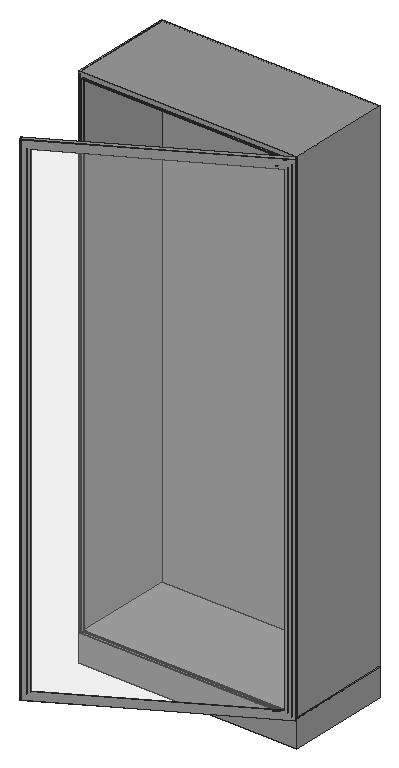
Revit family "Hager-Univers-IP55-D400-H1950-Cl.II-Steel_encl-NoHosted-BE-fr", category Electrical Equipment, Revit 2020
Family settings
  Panel Configuration = Two Columns, Circuits Across
  Round Connector Dimension = Use Diameter
  Part Type = Panelboard
  Work Plane-Based = Yes
  Always vertical = Yes
  Cut with Voids When Loaded = No
  Shared = No
  Room Calculation Point = No
Parameters (values of type "installation au sol IP55 L800 H1950 P400  - FR23U1")
  Width Control [instance] = if([EF000008 - largeur] > Min Width, [EF000008 - largeur], Min Width)  # 800 mm
  Type Comments = [HG000003 - Gamme]  # "Univers"
  Thickness Door [instance] = if([EF009171 - épaisseur de matériau de la porte/du couvercle] > 3 mm, 3 mm, [EF009171 - épaisseur de matériau de la porte/du couvercle])  # 1.5 mm
  Seal Frame Offset [instance] = 17 mm  # constant formula
  Plinth Visibility [instance] = [HG000027 - Hauteur du socle] > 0 mm  # yes
  Min Width [instance] = 100 mm  # constant formula
  Min Depth [instance] = (2 * [EF009170 - épaisseur de matériau du boîtier]) + 1 mm  # 4 mm
  Min Height [instance] = 100 mm  # constant formula
  Internal Frame Depth [instance] = (Door System Depth * 0.5)  # 9 mm
  Panel Name [instance] = ""  # (empty or 0)
  Model = ""
  HG000027 - Hauteur du socle = 100 mm
  HG000026 - Installation au sol = yes
  HG000024 - Hauteur de la section basse = 600 mm
  HG000023 - Armoire double section = no
  HG000016 - Visibilité de la porte 3D [instance] = yes
  HG000015 - Visibilité de l'emprise de la porte [instance] = no
  HG000014 - Porte à droite [instance] = yes
  HG000013 - Porte à gauche [instance] = not([HG000014 - Porte à droite])  # no
  HG000012 - Angle de pivotement de la porte [instance] = 30.00°
  HG000010 - Portes asymétriques = no
  HG000009 - Porte à double battant = no
  HG000006 - Encastré = no
  HG000004 - Référence fabricant = "FR23U1"
  HG000003 - Gamme = "Univers"
  HG000002 - avec porte = yes
  Frame Offset Bottom [instance] = 10 mm  # constant formula
  Frame Offset [instance] = 15 mm  # constant formula
  EF015940 - couvercle avec décharge de pression = no
  EF011959 - degré de protection (NEMA) = ""
  EF009554 - nombre d'ouvertures pour plaques à bride = 6
  EF009212 - finition du couvercle = "EV000116 - fermé"
  EF009171 - épaisseur de matériau de la porte/du couvercle = 1.5 mm
  EF009170 - épaisseur de matériau du boîtier = 1.5 mm
  EF008873 - courant nominal (In) = 800 A
  EF007800 - adapté à un parafoudre = no
  EF006306 - avec serrure = no
  EF006244 - couvercle/porte transparent(e) = yes
  EF005474 - indice de protection (IP) = "EV006420 - IP55"
  EF004464 - type de porte = "EV002646 - unique"
  EF004427 - nombre de modules = 432
  EF004293 - indice de protection contre les chocs (IK) = "EV008784 - IK10"
  EF003532 - convient pour utilisation à l’extérieur = no
  EF002950 - largeur en nombre de modules = 24
  EF001613 - maintien de fonction = "EV000494 - sans"
  EF001596 - matériau du boîtier/corps = "EV000179 - acier"
  EF001131 - profondeur intérieure = 400 mm
  EF001088 - possibilité de montage en saillie = yes
  EF000437 - nombre d'entrées de conduit = 6
  EF000339 - type de capot = "EV004216 - porte"
  EF000266 - nombre de rangées = 12
  EF000218 - profondeur d'encastrement = 0 mm
  EF000118 - avec cadre/support de montage = no
  EF000116 - numéro RAL = "7035"
  EF000049 - profondeur = 400 mm
  EF000040 - hauteur = 1950 mm
  EF000008 - largeur = 800 mm
  EF000007 - couleur = "EV000270 - gris"
  EF000003 - mode de pose = "EV012274 - installation au sol"
  Door System Leaf Tolerance [instance] = 1.5 mm  # constant formula
  Door System Depth [instance] = 18 mm  # constant formula
  Door Height [instance] = Height Control - [HG000027 - Hauteur du socle]  # 1850 mm
  Description = ""
  Default Elevation = 1219.2 mm
  Connector Offset [instance] = Height Control / 2  # 975 mm
  Manufacturer = "Hager"  # constant formula
  Height Control [instance] = if([EF000040 - hauteur] > Min Height, [EF000040 - hauteur], Min Height)  # 1950 mm
  Depth Control [instance] = if([EF000049 - profondeur] > Min Depth, [EF000049 - profondeur], Min Depth)  # 400 mm
  Bottom Top Plate Trim [instance] = 1.5 mm  # constant formula
  Plinth height Ctrl [instance] = if([HG000027 - Hauteur du socle] > 0 mm, [HG000027 - Hauteur du socle], 12 mm)  # 100 mm
Types (11, lengths in mm): name | Width Control | HG000010 - Portes asymétriques | HG000009 - Porte à double battant | HG000004 - Référence fabricant | EF009554 - nombre d'ouvertures pour plaques à bride | EF006244 - couvercle/porte transparent(e) | EF004464 - type de porte | EF004427 - nombre de modules | EF000437 - nombre d'entrées de conduit | EF000008 - largeur
  installation au sol IP55 L1050 H1950 P400  - FR24H1 | 1050 | yes | yes | "FR24H1" | 8 | no | "EV003602 - double" | 576 | 8 | 1050
  installation au sol IP55 L1050 H1950 P400  - FR24U1 | 1050 | yes | yes | "FR24U1" | 8 | yes | "EV003602 - double" | 576 | 8 | 1050
  installation au sol IP55 L1300 H1950 P400  - FR25H1 | 1300 | yes | yes | "FR25H1" | 10 | no | "EV003602 - double" | 720 | 10 | 1300
  installation au sol IP55 L1300 H1950 P400  - FR25U1 | 1300 | yes | yes | "FR25U1" | 10 | yes | "EV003602 - double" | 720 | 10 | 1300
  installation au sol IP55 L1550 H1950 P400  - FR26H1 | 1550 | yes | yes | "FR26H1" | 12 | no | "EV003602 - double" | 864 | 12 | 1550
  installation au sol IP55 L1550 H1950 P400  - FR26U1 | 1550 | yes | yes | "FR26U1" | 12 | yes | "EV003602 - double" | 864 | 12 | 1550
  installation au sol IP55 L300 H1950 P400  - FR21H1 | 300 | no | no | "FR21H1" | 2 | no | "EV002646 - unique" | 144 | 2 | 300
  installation au sol IP55 L550 H1950 P400  - FR22H1 | 550 | no | no | "FR22H1" | 4 | no | "EV002646 - unique" | 288 | 4 | 550
  installation au sol IP55 L550 H1950 P400  - FR22U1 | 550 | no | no | "FR22U1" | 4 | yes | "EV002646 - unique" | 288 | 4 | 550
  installation au sol IP55 L800 H1950 P400  - FR23H1 | 800 | no | no | "FR23H1" | 6 | no | "EV002646 - unique" | 432 | 6 | 800
  installation au sol IP55 L800 H1950 P400  - FR23U1 | 800 | no | no | "FR23U1" | 6 | yes | "EV002646 - unique" | 432 | 6 | 800
Reference planes
  plane 1 "Center (Front/Back)": y = 0
  plane 2: z = 0
  plane 3 "Center (Left/Right)": x = 0
  plane 4: y = 0
  plane 5: y = 0
  plane 6: z = 0
  plane 7: x = -400
  plane 8: x = 400
  plane 9: x = 398.5
  plane 10: x = -398.5
  plane 11: z = 100
  plane 12: z = 101.5
  plane 13: y = -400
  plane 14: y = -1.5
  plane 15: x = 0
  plane 16: y = -382
  plane 17: y = -398.5
  plane 18: y = -380.5
  plane 19: x = -383.5
  plane 20: x = 383.5
  plane 21: z = 111.5
  plane 22: x = -383
  plane 23: x = 383
  plane 24: z = 100
  plane 25: z = 1950
  plane 26: z = 1950
  plane 27: z = 1933.5
  plane 28: z = 1948.5
Forms (mm)
  Extrusion 1, solid, material "Hager_Steel_RAL7035_Light_Grey", detail levels medium+fine
    sketch origin (-208.679, -4572, 100) x (-1, 0, 0) y (0, -1, 0)
      loop
        line (191.321, -4190) -> (-608.679, -4190) -> (-608.679, -4572) -> (191.321, -4572) -> (191.321, -4190)
    from 0 to 1850
  Extrusion 2, void
    sketch origin (-350.771, -400, 1219.2) x (1, 0, 0) y (0, 0, 1)
      loop
        line (-47.729, 729.3) -> (-47.729, -1117.7) -> (749.271, -1117.7) -> (749.271, 729.3) -> (-47.729, 729.3)
    from -19.5 to -398.5
  Extrusion 3, void
    sketch origin (-290.084, -382, 1219.2) x (1, 0, 0) y (0, 0, 1)
      loop
        line (-93.416, -1107.7) -> (673.584, -1107.7) -> (673.584, 714.3) -> (-93.416, 714.3) -> (-93.416, -1107.7)
    from 0 to -1.5
  Extrusion 4, solid, material "Hager_Steel_RAL7035_Light_Grey", visible <- "Plinth Visibility", detail levels medium+fine
    sketch origin (0, 0, 0) x (1, 0, 0) y (0, 1, 0)
      loop
        line (-400, 0) -> (-400, -382) -> (400, -382) -> (400, 0) -> (-400, 0)
    from 0 to 100 <- "Plinth height Ctrl"
  Extrusion 5, solid, material "Hager_Steel_RAL7035_Light_Grey", detail levels coarse
    sketch origin (0, 0, 0) x (1, 0, 0) y (0, 1, 0)
      loop
        line (-400, 0) -> (-400, -400) -> (400, -400) -> (400, 0) -> (-400, 0)
    from 0 to 1950 <- "Height Control"
  Sweep 6, void
    path in 3D
      loop
        line (-400, -382, 100) -> (400, -382, 100) -> (400, 0, 100) -> (-400, 0, 100) -> (-400, -382, 100)
    profile origin (-400, -191, 100) x (1, 0, 0) y (0, 0, 1)
      loop
        line (0, 0) -> (0, -1.5) -> (1.5, -1.5)
        arc (1.5, -1.5) -> (1.061, -0.439) -> (0, 0) r 1.5
  Extrusion 7, solid, material "Hager_Steel_RAL7035_Light_Grey", detail levels fine
    sketch origin (-400, -382, 100) x (1, 0, 0) y (0, 0, 1)
      loop
        line (16.5, 11.5) -> (783.5, 11.5) -> (783.5, 1833.5) -> (16.5, 1833.5) -> (16.5, 11.5)
      loop
        line (15, 10) -> (785, 10) -> (785, 1835) -> (15, 1835) -> (15, 10)
    from 0 to 9 <- "Internal Frame Depth"
Cuts and joins
  Extrusion 2, Extrusion 3 cuts Extrusion 1
  Sweep 6 cuts Extrusion 4
Lines and regions (mm)
  Masking region 1
    outline origin (0, 0, 0) x (1, 0, 0) y (0, 1, 0)
      loop
        line (-400, 0) -> (-400, -400) -> (400, -400) -> (400, 0) -> (-400, 0)
  Masking region 2, detail levels coarse
    outline origin (-290.084, -382, 1219.2) x (-1, 0, 0) y (0, 0, 1)
      loop
        line (-690.084, -1219.2) -> (109.916, -1219.2) -> (109.916, 730.8) -> (-690.084, 730.8) -> (-690.084, -1219.2)
  Masking region 3, detail levels coarse
    outline origin (0, 0, 0) x (0, 1, 0) y (0, 0, 1)
      loop
        line (0, 0) -> (0, 1950) -> (-400, 1950) -> (-400, 0) -> (0, 0)
  Masking region 4, visible <- "Plinth Visibility", detail levels medium+fine
    outline origin (0, 0, 0) x (0, 1, 0) y (0, 0, 1)
      loop
        line (-1.5, 100) -> (-380.5, 100)
        arc (-380.5, 100) -> (-380.939, 98.939) -> (-382, 98.5) r 1.5
        line (-382, 98.5) -> (-382, 0) -> (0, 0) -> (0, 98.5)
        arc (0, 98.5) -> (-1.061, 98.939) -> (-1.5, 100) r 1.5
  Masking region 5, detail levels medium+fine
    outline origin (0, 0, 594.038) x (0, 1, 0) y (0, 0, 1)
      loop
        line (0, -494.038) -> (0, 1355.962) -> (-382, 1355.962) -> (-382, -494.038) -> (0, -494.038)
  Masking region 6, detail levels medium+fine
    outline origin (-359.7, -382, 1211.883) x (-1, 0, 0) y (0, 0, 1)
      loop
        line (-759.7, -1111.883) -> (40.3, -1111.883) -> (40.3, 738.117) -> (-759.7, 738.117) -> (-759.7, -1111.883)
  Masking region 7, visible <- "Plinth Visibility", detail levels medium+fine
    outline origin (-320.334, -382, 1041.368) x (-1, 0, 0) y (0, 0, 1)
      loop
        line (-720.334, -1041.368) -> (79.666, -1041.368) -> (79.666, -942.868)
        arc (79.666, -942.868) -> (78.606, -942.429) -> (78.166, -941.368) r 1.5
        line (78.166, -941.368) -> (-718.834, -941.368)
        arc (-718.834, -941.368) -> (-719.273, -942.429) -> (-720.334, -942.868) r 1.5
        line (-720.334, -942.868) -> (-720.334, -1041.368)
  sketch lines
    curve 1: line (-400, 0, 100) -> (-400, -382, 100)
    curve 2: line (-400, -382, 100) -> (400, -382, 100)
    curve 3: line (400, 0, 100) -> (-400, 0, 100)
    curve 4: line (400, -382, 100) -> (400, 0, 100)
Dimensions and locks
  locked: plane 1 "Center (Front/Back)" to plane 5
  "EF009170 - épaisseur de matériau du boîtier": plane 7 to plane 10
  "EF009170 - épaisseur de matériau du boîtier": plane 8 to plane 9
  equal spacing: plane 7, plane 3 "Center (Left/Right)", plane 8
  "Width Control": plane 7 to plane 8
  "Depth Control": plane 4 to plane 13
  "EF009170 - épaisseur de matériau du boîtier": plane 4 to plane 14
  "Height Control": plane 25 to level
  "HG000027 - Hauteur du socle": plane 11 to level
  "EF009170 - épaisseur de matériau du boîtier": plane 12 to plane 11
  "EF009170 - épaisseur de matériau du boîtier": plane 17 to plane 13
  "EF009170 - épaisseur de matériau du boîtier": plane 18 to plane 16
  "Frame Offset Bottom": plane 21 to plane 12
  "Frame Offset": plane 10 to plane 19
  "Frame Offset": plane 9 to plane 20
  "Door System Depth": plane 16 to plane 13
  "Seal Frame Offset": plane 7 to plane 22
  "Seal Frame Offset": plane 8 to plane 23
  "EF009170 - épaisseur de matériau du boîtier": plane 26 to plane 28
  "Frame Offset": plane 28 to plane 27
  "Connector Offset": plane 2 to connector elem
  "Bottom Top Plate Trim": profile plane to Sweep 6 sketch curve
  "Bottom Top Plate Trim": Sweep 6 sketch curve to Sweep 6 sketch curve
  "Plinth height Ctrl": Masking region 4 sketch curve to level
  "Plinth height Ctrl": Masking region 7 sketch curve to level
  "Thickness Door": Extrusion 7 sketch curve to Extrusion 7 sketch curve  (x4)
  "Bottom Top Plate Trim": radius of Sweep 6 sketch curve
  "Bottom Top Plate Trim": radius of Masking region 4 sketch curve  (x2)
  "Bottom Top Plate Trim": radius of Masking region 7 sketch curve  (x2)
  aligned and locked: Extrusion 2 sketch curve to plane 12
  aligned and locked: Extrusion 2 sketch curve to plane 9
  aligned and locked: Extrusion 2 sketch curve to plane 10
  aligned and locked: Extrusion 2 to plane 14
  aligned and locked: Extrusion 1 sketch curve to plane 4
  aligned and locked: plane 8 to Extrusion 1 sketch curve
  aligned and locked: plane 7 to Extrusion 1 sketch curve
  aligned and locked: Extrusion 2 to plane 18
  aligned and locked: Extrusion 3 sketch curve to plane 19
  aligned and locked: plane 20 to Extrusion 3 sketch curve
  aligned and locked: Extrusion 3 to Extrusion 2
  aligned and locked: Extrusion 3 sketch curve to plane 21
  aligned and locked: plane 3 "Center (Left/Right)" to nested 1
  aligned and locked: Extrusion 1 sketch curve to plane 16
  aligned and locked: Extrusion 4 sketch curve to cut or joined group of Extrusion 1, Extrusion 2, Extrusion 3
  aligned and locked: Masking region 1 sketch curve to plane 7
  aligned and locked: Masking region 1 sketch curve to plane 5
  aligned and locked: Masking region 1 sketch curve to plane 8
  aligned and locked: Masking region 2 sketch curve to level
  aligned and locked: level to Masking region 3 sketch curve
  aligned and locked: plane 1 "Center (Front/Back)" to Masking region 3 sketch curve
  aligned and locked: plane 13 to Masking region 3 sketch curve
  aligned and locked: plane 5 to Masking region 4 sketch curve
  aligned and locked: Masking region 2 sketch curve to plane 8
  aligned and locked: Masking region 2 sketch curve to plane 7
  aligned and locked: plane 7 to nested 2
  aligned and locked: nested 2 to plane 5
  aligned and locked: plane 5 to Masking region 5 sketch curve
  aligned and locked: plane 26 to Masking region 5 sketch curve
  aligned and locked: Extrusion 5 sketch curve to plane 8
  aligned and locked: Extrusion 5 sketch curve to plane 7
  aligned and locked: Extrusion 5 sketch curve to plane 5
  aligned and locked: Extrusion 3 sketch curve to plane 27
  aligned and locked: Extrusion 2 sketch curve to plane 28
  aligned and locked: Masking region 2 to plane 25
  aligned and locked: Extrusion 4 to plane 16
  aligned and locked: profile plane to Sweep 6 sketch curve
  aligned and locked: Masking region 5 sketch curve to plane 24
  aligned and locked: level to Masking region 4 sketch curve
  aligned and locked: Masking region 1 to plane 13
  aligned and locked: nested 1 to plane 16
  aligned and locked: Masking region 3 to plane 25
  aligned and locked: plane 16 to Masking region 4 sketch curve
  aligned and locked: Masking region 5 sketch curve to plane 16
  aligned and locked: plane 24 to plane 11
  aligned and locked: plane 26 to plane 25
  aligned and locked: plane 26 to cut or joined group of Extrusion 1, Extrusion 2, Extrusion 3
  aligned and locked: nested 1 to plane 24
  aligned and locked: Extrusion 1 to Extrusion 3
  aligned and locked: Masking region 6 sketch curve to plane 8
  aligned and locked: Masking region 6 sketch curve to plane 24
  aligned and locked: Masking region 6 sketch curve to plane 7
  aligned and locked: Masking region 6 sketch curve to plane 26
  aligned and locked: Masking region 7 sketch curve to plane 7
  aligned and locked: level to Masking region 7 sketch curve
  aligned and locked: Masking region 7 sketch curve to plane 8
  aligned and locked: Extrusion 7 sketch curve to cut or joined group of Extrusion 1, Extrusion 2, Extrusion 3  (x4)
Automatic sketch dimensions
  plane 19 to Extrusion 3 sketch curve = 0 mm
  Extrusion 3 sketch curve to plane 20 = 0 mm
  Extrusion 3 sketch curve to plane 21 = 0 mm
  Extrusion 4 sketch curve to plane 7 = 0 mm
  Extrusion 4 sketch curve to plane 8 = 0 mm
  Extrusion 4 sketch curve to plane 16 = 0 mm
  Masking region 1 sketch curve to plane 13 = 0 mm
  Masking region 2 sketch curve to plane 25 = 0 mm
  Masking region 3 sketch curve to plane 25 = 0 mm
  Extrusion 5 sketch curve to plane 13 = 0 mm
  profile plane to Sweep 6 sketch curve = 0 mm
Nested families
  nested 1: "EC000058_Univers_Door" at (0, -382, 100), Double <- "HG000009 - Porte à double battant", Transparent <- "EF006244 - couvercle/porte transparent(e)", Angle <- "HG000012 - Angle de pivotement de la porte", Door_Right <- "HG000014 - Porte à droite", Assymetrical <- "HG000010 - Portes asymétriques", Door <- "HG000002 - avec porte", Width_Ctrl <- "Width Control", 3d_Door <- "HG000016 - Visibilité de la porte 3D", Clearance <- "HG000015 - Visibilité de l'emprise de la porte", Door_Left <- "HG000013 - Porte à gauche", Width <- "Width Control", Door_Depth <- "Door System Depth", Leaf_Tolerance <- "Door System Leaf Tolerance", Height <- "Door Height", Lock_Visibility <- "EF006306 - avec serrure", Thickness <- "Thickness Door", type "EC000058_Univers_Door", detail levels medium+fine
    with min_wh 4 mm, Width_Ctrl 800 mm, Width 800 mm, Transparent yes, Thickness 1.5 mm, Seal_Material Hager_Rubber, Lock_Visibility no, Lock_Material Hager_Plastic_RAL9005_Jet_Black, Leaf_Width 800 mm, Leaf_Tolerance_External_Sides 0 mm, Leaf_Tolerance 1.5 mm, Leaf_Offset 0 mm, Leaf_Height 1847 mm, Leaf_2_Width 800 mm, Leaf_2_Offset 400 mm, Leaf_1_Width 800 mm, Leaf_1_Offset 400 mm, Height_Ctrl 1850 mm, Height 1850 mm, Glass_Material Hager_Glass, Double_Clearance_Ctrl no, Double no, Door_Right_Ctrl yes, Door_Right yes, Door_Material Hager_Steel_RAL7035_Light_Grey, Door_Left_Ctrl no, Door_Left no, Door_Depth 18 mm, Door yes, Clearance_Material Hager_Clearance, Clearance_Depth 800 mm, Clearance_Ctrl no, Clearance no, Assymetrical no, Angle 30.00°, 3d_Door yes
  nested 2: "Hager_Enclosure_Symbol" at (-400, 0, 0), Height <- "Depth Control", Width <- "Width Control", type "Hager_Enclosure_Symbol"
    with Width_Ctrl 800 mm, Width 800 mm, Height_Ctrl 400 mm, Height 400 mm, A_Width_Int 26.25 mm, A_Width 315 mm, A_Height_Ctrl 350 mm, A_Height 350 mm
Connectors
  electrical at (0, 0, 975)
    settings: on plane 1 "Center (Front/Back)", index 1, voltage 0 V, apparent load 0 VA, apparent load phase1 0 VA, apparent load phase2 0 VA, apparent load phase3 0 VA, power factor 1, load classification "Other", number of poles 1, system type 30, power factor state 1, is connector primary yes, connector utility no, sub classification motor no, connector description ""
Definition of nested family "EC000058_Univers_Door"
  Parameters (values of type "EC000058_Univers_Door")
    min_wh [instance] = (2 * Thickness) + 1 mm  # 11 mm
    Width_Ctrl [instance] = 400 mm
    Width [instance] = 500 mm
    Transparent [instance] = yes
    Thickness [instance] = 5 mm
    Seal_Material [instance] = none
    Lock_Visibility [instance] = yes
    Lock_Material [instance] = none
    Leaf_Width [instance] = if((Width_Ctrl - 2 * Leaf_Tolerance_External_Sides) > 0 mm, (Width_Ctrl - 2 * Leaf_Tolerance_External_Sides), min_wh)  # 400 mm
    Leaf_Tolerance_External_Sides [instance] = 0 mm  # constant formula
    Leaf_Tolerance [instance] = 1.5 mm
    Leaf_Offset [instance] = 0 mm  # constant formula
    Leaf_Height [instance] = if((Height_Ctrl - 2 * Leaf_Tolerance) > 0 mm, (Height_Ctrl - 2 * Leaf_Tolerance), min_wh)  # 497 mm
    Leaf_2_Width [instance] = if(and(and(Double, Assymetrical), Door_Left), (Leaf_Width / 3) - (Leaf_Tolerance / 2), if(and(and(Double, Assymetrical), Door_Right), (Leaf_Width / 3) * 2 - (Leaf_Tolerance / 2), if(and(Double, not(Assymetrical)), (Leaf_Width / 2) - Leaf_Tolerance, Leaf_Width)))  # 400 mm
    Leaf_2_Offset [instance] = if(and(Double, Assymetrical), Leaf_2_Width / 2, if(and(Double, not(Assymetrical)), Leaf_Width / 4, Leaf_Width / 2))  # 200 mm
    Leaf_1_Width [instance] = if(and(and(Double, Assymetrical), Door_Right), (Leaf_Width / 3) - (Leaf_Tolerance / 2), if(and(and(Double, Assymetrical), Door_Left), (Width / 3) * 2 - (Leaf_Tolerance / 2), if(and(Double, not(Assymetrical)), (Leaf_Width / 2) - Leaf_Tolerance, Leaf_Width)))  # 400 mm
    Leaf_1_Offset [instance] = if(and(Double, Assymetrical), Leaf_1_Width / 2, if(and(Double, not(Assymetrical)), Leaf_Width / 4, Leaf_Width / 2))  # 200 mm
    Height_Ctrl [instance] = if(Height > min_wh, Height, min_wh)  # 500 mm
    Height [instance] = 500 mm
    Glass_Material [instance] = none
    Double_Clearance_Ctrl [instance] = and(Double, Clearance)  # no
    Double [instance] = no
    Door_Right_Ctrl [instance] = and(or(Door_Right, Double), Door)  # yes
    Door_Right [instance] = yes
    Door_Material [instance] = none
    Door_Left_Ctrl [instance] = and(or(Door_Left, Double), Door)  # no
    Door_Left [instance] = no
    Door_Depth [instance] = 30 mm
    Door [instance] = yes
    Default Elevation = 1219.2 mm
    Clearance_Material [instance] = none
    Clearance_Depth [instance] = if(Leaf_1_Width > Leaf_2_Width, Leaf_1_Width, Leaf_2_Width)  # 400 mm
    Clearance_Ctrl [instance] = and(not(Double), Clearance)  # yes
    Clearance [instance] = yes
    Assymetrical [instance] = yes
    Angle [instance] = 30.00°
    3d_Door [instance] = yes
  Reference planes
    plane 1 "Center (Front/Back)": y = 0
    plane 2 "Bottom": z = 0
    plane 3 "Center (Left/Right)": x = 0
    plane 4: z = 500
    plane 5: x = -200
    plane 6: x = 200
    plane 7: z = 500
    plane 8: x = -200
    plane 9: z = 0
    plane 10: x = 200
    plane 11: y = 0
    plane 12: z = 1.5
    plane 13: x = -600
    plane 14: y = -400
    plane 15: x = 600
    plane 16: x = 0
    plane 17: x = 0
    plane 18: x = -200
    plane 19: x = 200
    plane 20: z = 498.5
  Forms (mm)
    Extrusion 1, solid, material <- "Clearance_Material", visible <- "Double_Clearance_Ctrl"
      sketch origin (1200, 0, 0) x (1, 0, 0) y (0, 0, -1)
        loop
          line (-1800, -498.5) -> (-600, -498.5) -> (-600, 0) -> (-1800, 0) -> (-1800, -498.5)
      from 0 to -400
  Dimensions and locks
    equal spacing: plane 5, plane 3 "Center (Left/Right)", plane 6
    "Width_Ctrl": plane 5 to plane 6
    "Leaf_Offset": plane 5 to plane 8
    "Leaf_Offset": plane 6 to plane 10
    "Leaf_Offset": plane 9 to level
    "Leaf_Offset": plane 4 to plane 7
    "Height_Ctrl": plane 4 to level
    "Leaf_Tolerance": plane 12 to plane 9
    locked: plane 11 to plane 1 "Center (Front/Back)"
    "Leaf_1_Offset": plane 18 to plane 16
    "Leaf_2_Offset": plane 17 to plane 19
    "Leaf_1_Width": plane 13 to plane 8
    "Leaf_2_Width": plane 10 to plane 15
    "Clearance_Depth": plane 14 to plane 1 "Center (Front/Back)"
    "Leaf_Tolerance_External_Sides": plane 8 to plane 18
    "Leaf_Tolerance_External_Sides": plane 19 to plane 10
    "Leaf_Tolerance": plane 7 to plane 20
    aligned and locked: level to plane 2 "Bottom"
    aligned and locked: nested 1 to plane 16
    aligned and locked: nested 2 to plane 17
    aligned and locked: Extrusion 1 to plane 13
    aligned and locked: plane 15 to Extrusion 1
    aligned and locked: Extrusion 1 to plane 14
    aligned and locked: plane 12 to nested 1
    aligned and locked: nested 2 to plane 12
    aligned and locked: Extrusion 1 to plane 11
    aligned and locked: plane 20 to Extrusion 1
    aligned and locked: nested 2 to plane 11
    aligned and locked: nested 1 to plane 11
  Automatic sketch dimensions
    Extrusion 1 sketch curve to level = 0 mm
    plane 5 to Extrusion 1 sketch curve = 400 mm
    plane 6 to Extrusion 1 sketch curve = 400 mm
    Extrusion 1 sketch curve to plane 4 = 1.5 mm
  Nested families
    nested 1: "EC000058_Univers_Door_Leaf" at (0, 0, 1.5), Width <- "Leaf_1_Width", visible <- "Door_Left_Ctrl", Leaf_Height <- "Leaf_Height", Angle <- "Angle", 3d_Door <- "3d_Door", Transparent <- "Transparent", Clearance Material <- "Clearance_Material", Clearance <- "Clearance_Ctrl", Door_Material <- "Door_Material", Glass_Material <- "Glass_Material", Door_Depth <- "Door_Depth", Lock_Material <- "Lock_Material", Seal_Material <- "Seal_Material", Lock_Visibility <- "Lock_Visibility", Thickness <- "Thickness", type "EC000058_Univers_Door_Leaf"
      with Width 400 mm, Transparent_Glass_Offset 30 mm, Transparent_Ctrl yes, Transparent yes, Thickness 5 mm, Standard no, Seal_Material none, Seal_D2 8 mm, Seal_D1 1 mm, Offset_Internal_Frame 10 mm, Lock_Width 20 mm, Lock_Visibility_3d yes, Lock_Visibility yes, Lock_Thickness_3 3 mm, Lock_Thickness_2 1 mm, Lock_Thickness_1 3 mm, Lock_Radius_Offset_2 16 mm, Lock_Radius_Offset_1 15 mm, Lock_Radius_2 5 mm, Lock_Radius 6 mm, Lock_Offset 5 mm, Lock_Material none, Lock_Height 80 mm, Lock_Cover_Top_Offset_2d 17 mm, Lock_Cover_Height -65 mm, Leaf_Height 497 mm, Internal_Seal_Thickness 8 mm, Internal_Seal_Depth_2 4.5 mm, Internal_Frame_Depth 25 mm, Glass_Thickness -1 mm, Glass_Offset -2 mm, Glass_Material none, Door_Material none, Door_Depth 30 mm, Clearance Material none, Clearance yes, Angle_Ctrl 30.00°, Angle 30.00°, 3d_Door yes
    nested 2: "EC000058_Univers_Door_Leaf" at (0, 0, 1.5) x (-1, 0, 0) z (0, 0, 1), Width <- "Leaf_2_Width", visible <- "Door_Right_Ctrl", Leaf_Height <- "Leaf_Height", Angle <- "Angle", 3d_Door <- "3d_Door", Transparent <- "Transparent", Clearance Material <- "Clearance_Material", Clearance <- "Clearance_Ctrl", Door_Material <- "Door_Material", Glass_Material <- "Glass_Material", Door_Depth <- "Door_Depth", Lock_Material <- "Lock_Material", Seal_Material <- "Seal_Material", Lock_Visibility <- "Lock_Visibility", Thickness <- "Thickness", type "EC000058_Univers_Door_Leaf"
      with Width 400 mm, Transparent_Glass_Offset 30 mm, Transparent_Ctrl yes, Transparent yes, Thickness 5 mm, Standard no, Seal_Material none, Seal_D2 8 mm, Seal_D1 1 mm, Offset_Internal_Frame 10 mm, Lock_Width 20 mm, Lock_Visibility_3d yes, Lock_Visibility yes, Lock_Thickness_3 3 mm, Lock_Thickness_2 1 mm, Lock_Thickness_1 3 mm, Lock_Radius_Offset_2 16 mm, Lock_Radius_Offset_1 15 mm, Lock_Radius_2 5 mm, Lock_Radius 6 mm, Lock_Offset 5 mm, Lock_Material none, Lock_Height 80 mm, Lock_Cover_Top_Offset_2d 17 mm, Lock_Cover_Height -65 mm, Leaf_Height 497 mm, Internal_Seal_Thickness 8 mm, Internal_Seal_Depth_2 4.5 mm, Internal_Frame_Depth 25 mm, Glass_Thickness -1 mm, Glass_Offset -2 mm, Glass_Material none, Door_Material none, Door_Depth 30 mm, Clearance Material none, Clearance yes, Angle_Ctrl 30.00°, Angle 30.00°, 3d_Door yes
  Definition of nested family "EC000058_Univers_Door_Leaf"
    Parameters (values of type "EC000058_Univers_Door_Leaf")
      Width [instance] = 2000 mm
      Transparent_Glass_Offset [instance] = 30 mm
      Transparent_Ctrl [instance] = and(Transparent, [3d_Door])  # yes
      Transparent [instance] = yes
      Thickness [instance] = 5 mm
      Standard [instance] = and(not(Transparent), [3d_Door])  # no
      Seal_Material [instance] = none
      Seal_D2 [instance] = 8 mm  # constant formula
      Seal_D1 [instance] = 1 mm  # constant formula
      Offset_Internal_Frame [instance] = 10 mm  # constant formula
      Lock_Width [instance] = 20 mm  # constant formula
      Lock_Visibility_3d [instance] = and(Lock_Visibility, [3d_Door])  # yes
      Lock_Visibility [instance] = yes
      Lock_Thickness_3 [instance] = 3 mm  # constant formula
      Lock_Thickness_2 [instance] = 1 mm  # constant formula
      Lock_Thickness_1 [instance] = 3 mm  # constant formula
      Lock_Radius_Offset_2 [instance] = Lock_Radius_Offset_1 + 1 mm  # 16 mm
      Lock_Radius_Offset_1 [instance] = 15 mm  # constant formula
      Lock_Radius_2 [instance] = Lock_Radius - 1 mm  # 5 mm
      Lock_Radius [instance] = 6 mm  # constant formula
      Lock_Offset [instance] = 5 mm  # constant formula
      Lock_Material [instance] = none
      Lock_Height [instance] = 80 mm  # constant formula
      Lock_Cover_Top_Offset_2d [instance] = Lock_Radius_Offset_2 + 1 mm  # 17 mm
      Lock_Cover_Height [instance] = -(Lock_Height - Lock_Radius_Offset_1)  # -65 mm
      Leaf_Height [instance] = 2720.336 mm
      Internal_Seal_Thickness [instance] = 8 mm  # constant formula
      Internal_Seal_Depth_2 [instance] = 4.5 mm  # constant formula
      Internal_Frame_Depth [instance] = if(Door_Depth - Thickness > 5 mm, Door_Depth - Thickness, 5 mm)  # 25 mm
      Glass_Thickness [instance] = if(Thickness > 15 mm, Glass_Offset + 10 mm, -1 mm)  # -1 mm
      Glass_Offset [instance] = if(Thickness > 15 mm, -(Thickness + 10 mm) / 2, -2 mm)  # -2 mm
      Glass_Material [instance] = none
      Door_Material [instance] = none
      Door_Depth [instance] = 30 mm
      Default Elevation = 0 mm
      Clearance Material [instance] = none
      Clearance [instance] = yes
      Angle_Ctrl [instance] = if(Angle > 180.00°, 180.00°, Angle)  # 90.00°
      Angle [instance] = 90.00°
      3d_Door [instance] = yes
    Reference planes
      plane 1 "Center (Front/Back)": y = 0
      plane 2: z = 0
      plane 3 "Center (Left/Right)": x = 0
      plane 4: y = 2000
      plane 5: x = -1000
      plane 6: x = 1000
      plane 7: x = -3000
      plane 8: z = 2720.336
      plane 9: z = 30
      plane 10: z = 2690.336
      plane 11: x = 970
      plane 12: x = -970
      plane 13: y = -3
      plane 14: z = 107.833
      plane 15: y = -5
      plane 16: y = -223.314
      plane 17: x = -1000
      plane 18: z = 1360.168
      plane 19: y = 30
    Forms (mm)
      Extrusion 1, solid, material <- "Clearance Material", visible <- "Clearance"
        sketch origin (0, 0, 0) x (1, 0, 0) y (0, 0, 1)
          loop
            line (-3000, 2720.336) -> (-3000, 0) -> (1000, 0) -> (1000, 2720.336) -> (-3000, 2720.336)
        from 0 to -2000
      Extrusion 2, solid, material <- "Door_Material", visible <- "Standard", detail levels medium+fine
        sketch origin (-1000, 0, 0) x (0, 1, 0) y (-1, 0, 0)
          loop
            line (0, 30) -> (0, 25) -> (2000, 25) -> (2000, 30) -> (0, 30)
        from 0 to 2720.336 <- "Leaf_Height"
      Extrusion 3, solid, material <- "Door_Material", visible <- "Transparent_Ctrl", detail levels medium+fine
        sketch origin (-1000, 0, 0) x (0, 1, 0) y (-1, 0, 0)
          loop
            line (0, 25) -> (2000, 25) -> (2000, 30) -> (0, 30) -> (0, 25)
        from 0 to 2720.336 <- "Leaf_Height"
      Extrusion 4, void
        sketch origin (-1025, 2000, 0) x (0, 1, 0) y (0, 0, -1)
          loop
            line (-30, -2690.336) -> (-30, -30) -> (-1970, -30) -> (-1970, -2690.336) -> (-30, -2690.336)
        from 0 to 5 <- "Thickness"
      Sweep 5, solid, material <- "Seal_Material", visible <- "Transparent_Ctrl", detail levels fine
        path in 3D
          loop
            line (-1025, 30, 30) -> (-1025, 30, 2690.336) -> (-1025, 1970, 2690.336) -> (-1025, 1970, 30) -> (-1025, 30, 30)
        profile origin (-1025, 1000, 30) x (1, 0, 0) y (0, 0, 1)
          loop
            line (0, 0) -> (0, -8) -> (1, -8) -> (1, 0) -> (0, 0)
      Extrusion 6, solid, material <- "Glass_Material", visible <- "Transparent_Ctrl", detail levels medium+fine
        sketch origin (-1030, 0, 0) x (0, 1, 0) y (0, 0, -1)
          loop
            line (1970, -2690.336) -> (1970, -30) -> (30, -30) -> (30, -2690.336) -> (1970, -2690.336)
        from -2 <- "Glass_Offset" to -1 <- "Glass_Thickness"
      Extrusion 7, solid, material <- "Door_Material", visible <- "3d_Door", detail levels medium+fine
        sketch origin (-1025, 2000, 0) x (0, -1, 0) y (0, 0, -1)
          loop
            line (0, -2720.336) -> (2000, -2720.336) -> (2000, 0) -> (0, 0) -> (0, -2720.336)
          loop
            line (1995, -5) -> (5, -5) -> (5, -2715.336) -> (1995, -2715.336) -> (1995, -5)
        from 0 to 25 <- "Internal_Frame_Depth"
      Sweep 8, solid, material <- "Seal_Material", visible <- "Transparent_Ctrl", detail levels fine
        path in 3D
          loop
            line (-1025, 0, 0) -> (-1025, 2000, 0) -> (-1025, 2000, 2720.336) -> (-1025, 0, 2720.336) -> (-1025, 0, 0)
        profile origin (-1025, 0, 1360.168) x (1, 0, 0) y (0, 1, 0)
          loop
            line (0, 10) -> (2.975, 10)
            arc (2.975, 10) -> (4.053, 10.447) -> (4.5, 11.525) r 1.525
            line (4.5, 11.525) -> (4.5, 16.527)
            arc (4.5, 16.527) -> (4.069, 17.569) -> (3.027, 18) r 1.473
            line (3.027, 18) -> (0, 18) -> (0, 10)
      Extrusion 9, solid, material <- "Lock_Material", visible <- "Lock_Visibility_3d", detail levels fine
        sketch origin (-1030, 0, 0) x (0, 1, 0) y (0, 0, -1)
          loop
            arc (1993.5, -1400.168) -> (1994.561, -1399.729) -> (1995, -1398.668) r 1.5
            line (1995, -1398.668) -> (1995, -1320.168) -> (1975, -1320.168) -> (1975, -1398.668)
            arc (1975, -1398.668) -> (1975.439, -1399.729) -> (1976.5, -1400.168) r 1.5
            line (1976.5, -1400.168) -> (1993.5, -1400.168)
        from 3 <- "Lock_Thickness_1" to 0
      Blend 10, solid, material <- "Lock_Material", visible <- "Lock_Visibility_3d", detail levels fine
        base sketch origin (-1033, 0, 0) x (0, 1, 0) y (0, 0, -1)
          loop
            line (1975, -1320.168) -> (1975, -1398.668)
            arc (1975, -1398.668) -> (1975.439, -1399.729) -> (1976.5, -1400.168) r 1.5
            line (1976.5, -1400.168) -> (1993.5, -1400.168)
            arc (1993.5, -1400.168) -> (1994.561, -1399.729) -> (1995, -1398.668) r 1.5
            line (1995, -1398.668) -> (1995, -1320.168) -> (1975, -1320.168)
        top sketch origin (-1033, 0, 0) x (0, 1, 0) y (0, 0, -1)
          loop
            line (1976, -1320.168) -> (1976, -1398.668)
            arc (1976, -1398.668) -> (1976.146, -1399.022) -> (1976.5, -1399.168) r 0.5
            line (1976.5, -1399.168) -> (1993.5, -1399.168)
            arc (1993.5, -1399.168) -> (1993.854, -1399.022) -> (1994, -1398.668) r 0.5
            line (1994, -1398.668) -> (1994, -1320.168) -> (1976, -1320.168)
        from 0 to 1 <- "Lock_Thickness_2"
      Blend 11, solid, material <- "Lock_Material", visible <- "Lock_Visibility_3d", detail levels fine
        base sketch origin (-1034, 0, 0) x (0, 1, 0) y (0, 0, -1)
          loop
            line (1978, -1320.168) -> (1978, -1384.168)
            arc (1978, -1384.168) -> (1985, -1391.168) -> (1992, -1384.168) r 7
            line (1992, -1384.168) -> (1992, -1320.168) -> (1978, -1320.168)
        top sketch origin (-1034, 0, 0) x (0, 1, 0) y (0, 0, -1)
          loop
            line (1991, -1320.168) -> (1979, -1320.168) -> (1979, -1383.168)
            arc (1979, -1383.168) -> (1985, -1389.168) -> (1991, -1383.168) r 6
            line (1991, -1383.168) -> (1991, -1320.168)
        from 0 to 3 <- "Lock_Thickness_3"
      Extrusion 12, solid, material <- "Lock_Material", visible <- "Lock_Visibility_3d", detail levels fine
        sketch origin (-1030, 1975, 1320.168) x (1, 0, 0) y (0, -1, 0)
          loop
            line (-7, -19) -> (-7, -1) -> (0, -1) -> (0, 0) -> (-8, 0) -> (-8, -20) -> (0, -20) -> (0, -19) -> (-7, -19)
        from 0 to -65 <- "Lock_Cover_Height"
      Extrusion 13, void
        sketch origin (-1038, 1995, 1320.168) x (-1, 0, 0) y (0, 0, -1)
          loop
            line (-5, -65) -> (0, -65) -> (-5, -60) -> (-5, -65)
        from 0 to 20 <- "Lock_Width"
      Extrusion 14, void
        sketch origin (-1038, 1975, 1320.168) x (0, -1, 0) y (0, 0, -1)
          loop
            circle (-10, -15.995) r 6
          loop
            circle (-10, -15.995) r 5
        from 0 to 2
      Extrusion 15, solid, material <- "Lock_Material", visible <- "Lock_Visibility_3d", detail levels medium
        sketch origin (-1030, 0, 0) x (0, 1, 0) y (0, 0, -1)
          loop
            arc (1993.5, -1400.168) -> (1994.561, -1399.729) -> (1995, -1398.668) r 1.5
            line (1995, -1398.668) -> (1995, -1320.168) -> (1975, -1320.168) -> (1975, -1398.668)
            arc (1975, -1398.668) -> (1975.439, -1399.729) -> (1976.5, -1400.168) r 1.5
            line (1976.5, -1400.168) -> (1993.5, -1400.168)
        from 8 to 0
    Cuts and joins
      Extrusion 4 cuts Extrusion 3
      Extrusion 13, Extrusion 14 cuts Extrusion 9
      Extrusion 14 cuts Blend 11
      Extrusion 13, Extrusion 14 cuts Extrusion 12
      joined: Extrusion 9, Blend 10, Blend 11, Extrusion 12
      Extrusion 14 cuts Extrusion 15
    Lines and regions (mm)
      Masking region 1, visible <- "Lock_Visibility", detail levels fine
        outline origin (0, 0, 0) x (0, 1, 0) y (0, 0, 1)
          loop
            line (30, 1320.168) -> (33, 1320.168) -> (33, 1400.168) -> (30, 1400.168) -> (30, 1320.168)
      Masking region 2, visible <- "Lock_Visibility", detail levels fine
        outline origin (0, 3.143, 0) x (0, 1, 0) y (0, 0, 1)
          loop
            line (29.857, 1354.168) -> (30.857, 1354.168) -> (30.857, 1366.168) -> (29.857, 1366.168) -> (29.857, 1354.168)
      Masking region 3, detail levels medium+fine
        outline origin (0, 0, 0) x (0, 1, 0) y (0, 0, 1)
          loop
            line (0, 0) -> (30, 0) -> (30, 2720.336) -> (0, 2720.336) -> (0, 0)
      Masking region 4, detail levels medium+fine
        outline origin (0, 0, 0) x (1, 0, 0) y (0, 0, 1)
          loop
            line (-1000, 2720.336) -> (-1000, 0) -> (1000, 0) -> (1000, 2720.336) -> (-1000, 2720.336)
      Masking region 5, visible <- "Lock_Visibility", detail levels fine
        outline origin (-47.116, 0, 0) x (1, 0, 0) y (0, 0, 1)
          loop
            arc (1024.616, 1399.168) -> (1023.556, 1398.729) -> (1023.116, 1397.668) r 1.5
            line (1023.116, 1397.668) -> (1023.116, 1320.168) -> (1041.116, 1320.168) -> (1041.116, 1397.668)
            arc (1041.116, 1397.668) -> (1040.677, 1398.729) -> (1039.616, 1399.168) r 1.5
            line (1039.616, 1399.168) -> (1024.616, 1399.168)
      Masking region 6, visible <- "Lock_Visibility", detail levels medium+fine
        outline origin (-25, 0, 0) x (1, 0, 0) y (0, 0, 1)
          loop
            arc (1001.5, 1400.168) -> (1000.439, 1399.729) -> (1000, 1398.668) r 1.5
            line (1000, 1398.668) -> (1000, 1320.168) -> (1020, 1320.168) -> (1020, 1398.668)
            arc (1020, 1398.668) -> (1019.561, 1399.729) -> (1018.5, 1400.168) r 1.5
            line (1018.5, 1400.168) -> (1001.5, 1400.168)
      Masking region 7, visible <- "Lock_Visibility", detail levels fine
        outline origin (-73.735, 0, 0) x (1, 0, 0) y (0, 0, 1)
          loop
            line (1051.735, 1382.168) -> (1065.735, 1382.168) -> (1065.735, 1384.168)
            arc (1065.735, 1384.168) -> (1058.735, 1391.168) -> (1051.735, 1384.168) r 7
            line (1051.735, 1384.168) -> (1051.735, 1382.168)
      Masking region 8, visible <- "Lock_Visibility", detail levels fine
        outline origin (-73.735, 0, 0) x (1, 0, 0) y (0, 0, 1)
          loop
            line (1052.735, 1382.168) -> (1064.735, 1382.168) -> (1064.735, 1383.168)
            arc (1064.735, 1383.168) -> (1058.735, 1389.168) -> (1052.735, 1383.168) r 6
            line (1052.735, 1383.168) -> (1052.735, 1382.168)
      Masking region 9, visible <- "Lock_Visibility", detail levels fine
        outline origin (-25, 0, 0) x (1, 0, 0) y (0, 0, 1)
          loop
            line (1020, 1320.168) -> (1020, 1382.168) -> (1000, 1382.168) -> (1000, 1320.168) -> (1020, 1320.168)
      Masking region 10, detail levels medium+fine
        outline origin (0, 0, 0) x (1, 0, 0) y (0, 0, 1)
          loop
            circle (985, 1335.144) r 6
      Masking region 11, detail levels fine
        outline origin (0, 0, 0) x (1, 0, 0) y (0, 0, 1)
          loop
            circle (985, 1335.144) r 5
      Masking region 12, visible <- "Lock_Visibility", detail levels fine
        outline origin (0, 12.767, 0) x (0, 1, 0) y (0, 0, 1)
          loop
            line (20.233, 1320.168) -> (21.233, 1320.168) -> (21.233, 1399.168) -> (20.233, 1400.168) -> (20.233, 1320.168)
      Masking region 13, visible <- "Lock_Visibility", detail levels fine
        outline origin (0, 13.767, -10) x (0, 1, 0) y (0, 0, 1)
          loop
            line (20.233, 1330.168) -> (23.233, 1330.168) -> (23.233, 1399.168) -> (20.233, 1402.168) -> (20.233, 1330.168)
      Masking region 14, visible <- "Lock_Visibility", detail levels fine
        outline origin (0, 12.767, -10) x (0, 1, 0) y (0, 0, 1)
          loop
            line (20.233, 1330.168) -> (25.233, 1330.168) -> (25.233, 1399.305) -> (20.233, 1394.305) -> (20.233, 1330.168)
      Masking region 15, visible <- "Lock_Visibility", detail levels medium
        outline origin (0, 0, 0) x (0, 1, 0) y (0, 0, 1)
          loop
            line (30, 1320.168) -> (38, 1320.168) -> (38, 1400.168) -> (30, 1400.168) -> (30, 1320.168)
      Masking region 16, visible <- "Lock_Visibility", detail levels fine
        outline origin (-1000, 0, 0) x (0, 1, 0) y (-1, 0, 0)
          loop
            line (1975, 30) -> (1995, 30) -> (1995, 38) -> (1975, 38) -> (1975, 30)
          loop
            line (1979, 37) -> (1976, 37) -> (1976, 34) -> (1978, 34) -> (1979, 37)
          loop
            line (1994, 37) -> (1991, 37) -> (1992, 34) -> (1994, 34) -> (1994, 37)
      Masking region 17, visible <- "Lock_Visibility", detail levels medium
        outline origin (-1000, 0, 0) x (0, 1, 0) y (-1, 0, 0)
          loop
            line (1975, 30) -> (1995, 30) -> (1995, 38) -> (1975, 38) -> (1975, 30)
      symbolic lines
        curve 1: line (1000, 0, 0) -> (-3000, 0, 0)
        curve 2: arc (1000, 0, 0) -> (-1000, 2000, 0) -> (-3000, 0, 0) r 2000
        curve 4: line (-1030, 0, 0) -> (-1030, 2000, 0)
      reference lines
        curve 3: line (-1000, 0, 0) -> (-1000, 2000, 0)
      symbolic lines, detail levels medium+fine
        curve 5: line (-1030, 2000, 0) -> (-1025, 2000, 0)
        curve 7: line (-1025, 0, 0) -> (-1030, 0, 0)
        curve 8: line (-1025, 0, 0) -> (-1000, 0, 0)
        curve 9: line (-1000, 0, 0) -> (-1000, 2000, 0)
        curve 10: line (-1000, 2000, 0) -> (-1025, 2000, 0)
      symbolic lines, detail levels fine
        curve 6: line (-1025, 2000, 0) -> (-1025, 0, 0)
      sketch lines
        curve 11: line (-1025, 0, 2720.336) -> (-1025, 0, 0)
        curve 12: line (-1025, 2000, 0) -> (-1025, 0, 0)
        curve 13: line (-1025, 2000, 2720.336) -> (-1025, 2000, 0)
        curve 14: line (-1025, 0, 2720.336) -> (-1025, 2000, 2720.336)
        curve 15: line (-1025, 1970, 30) -> (-1025, 30, 30)
        curve 16: line (-1025, 30, 30) -> (-1025, 30, 2690.336)
        curve 17: line (-1025, 1970, 2690.336) -> (-1025, 1970, 30)
        curve 18: line (-1025, 30, 2690.336) -> (-1025, 1970, 2690.336)
      symbolic lines, visible <- "Transparent", detail levels medium+fine
        curve 19: line (-970, 0, 2690.336) -> (970, 0, 2690.336)
        curve 20: line (-970, 0, 30) -> (-970, 0, 2690.336)
        curve 21: line (970, 0, 30) -> (-970, 0, 30)
        curve 22: line (970, 0, 2690.336) -> (970, 0, 30)
    Dimensions and locks
      "Width": plane 1 "Center (Front/Back)" to plane 4
      equal spacing: plane 5, plane 3 "Center (Left/Right)", plane 6
      "Width": plane 5 to plane 6
      "Width": plane 7 to plane 5
      "Leaf_Height": plane 8 to level
      "Width": curve 5 to curve 3
      "Width": curve 3 to curve 3
      plane 8 to plane 10 = 30 mm
      plane 9 to level = 30 mm
      plane 12 to plane 5 = 30 mm
      plane 6 to plane 11 = 30 mm
      Extrusion 1 to Extrusion 4 sketch curve = 30 mm
      "Transparent_Glass_Offset": curve 3 to Extrusion 4 sketch curve
      "Transparent_Glass_Offset": Extrusion 4 sketch curve to cut or joined group of Extrusion 3, Extrusion 4  (x2)
      cut or joined group of Extrusion 3, Extrusion 4 to Extrusion 6 sketch curve = 30 mm
      "Transparent_Glass_Offset": cut or joined group of Extrusion 3, Extrusion 4 to Extrusion 4 sketch curve
      "Thickness": curve 6 to curve 4
      "Thickness": Extrusion 7 sketch curve to Extrusion 7 sketch curve  (x4)
      "Door_Depth": curve 4 to curve 3
      "Offset_Internal_Frame": profile plane to Sweep 8 sketch curve
      "Internal_Seal_Thickness": Sweep 8 sketch curve to Sweep 8 sketch curve
      "Internal_Seal_Depth_2": profile plane to Sweep 8 sketch curve
      "Seal_D1": profile plane to Sweep 5 sketch curve
      "Seal_D2": profile plane to Sweep 5 sketch curve
      "Thickness": Extrusion 2 sketch curve to Extrusion 2 sketch curve
      equal spacing: Extrusion 9 sketch curve, plane 18, Extrusion 9 sketch curve  (x2)
      equal spacing: Masking region 1 sketch curve, plane 18, Masking region 1 sketch curve
      "Lock_Height": Masking region 1 sketch curve to Masking region 1 sketch curve
      "Lock_Radius": Masking region 2 sketch curve to plane 18 to Masking region 2 sketch curve
      Masking region 2 sketch curve to Masking region 1 = 1 mm
      "Door_Depth": plane 19 to plane 1 "Center (Front/Back)"
      "Lock_Thickness_1": Masking region 1 sketch curve to plane 19
      "Lock_Width": Extrusion 9 sketch curve to Extrusion 9 sketch curve
      "Lock_Height": Extrusion 9 sketch curve to Extrusion 9 sketch curve
      "Lock_Offset": cut or joined group of Extrusion 3, Extrusion 4 to Extrusion 9 sketch curve
      equal spacing: plane 8, plane 18, level
      "Lock_Radius_Offset_1": Blend 11 sketch curve to Blend 10
      locked: Blend 10 to Blend 11 sketch curve at 2  (x2)
      locked: var sketch to Blend 11 sketch curve at 1  (x2)
      "Lock_Radius_Offset_2": Blend 11 sketch curve to Blend 10
      locked: Extrusion 12 sketch curve to Extrusion 12 sketch curve at 1  (x3)
      Masking region 6 sketch curve to Masking region 6 sketch curve = 80 mm
      "Lock_Height": Masking region 6 sketch curve to Masking region 6 sketch curve
      "Lock_Width": Masking region 6 sketch curve to Masking region 6 sketch curve
      locked: Masking region 6 to Masking region 5 sketch curve at 1  (x3)
      locked: Masking region 5 to Masking region 7 sketch curve at 2  (x2)
      "Lock_Radius_Offset_1": Masking region 5 to Masking region 7 sketch curve
      "Lock_Radius_Offset_2": Masking region 5 to Masking region 8 sketch curve
      locked: Masking region 7 to Masking region 8 sketch curve at 1  (x2)
      "Lock_Cover_Top_Offset_2d": Masking region 5 to Masking region 9 sketch curve
      equal spacing: Masking region 9, Masking region 10 sketch curve, Masking region 9
      equal spacing: Masking region 9, Masking region 11 sketch curve, Masking region 9
      Extrusion 15 sketch curve to Extrusion 15 sketch curve = 80 mm
      "Lock_Width": Extrusion 15 sketch curve to Extrusion 15 sketch curve
      "Lock_Height": Extrusion 15 sketch curve to Extrusion 15 sketch curve
      equal spacing: Extrusion 15 sketch curve, plane 18, Extrusion 15 sketch curve
      "Lock_Thickness_3": Masking region 13 sketch curve to Masking region 13 sketch curve
      "Lock_Height": Masking region 12 sketch curve to Masking region 12 sketch curve
      locked: Masking region 13 sketch curve to Masking region 1 at 8
      locked: Masking region 14 sketch curve to Masking region 13 at 1
      locked: Masking region 14 sketch curve to Masking region 1 at 10.863
      "Lock_Height": Masking region 15 sketch curve to Masking region 15 sketch curve
      "Lock_Offset": Extrusion 15 sketch curve to cut or joined group of Extrusion 3, Extrusion 4
      "Lock_Offset": plane 6 to Masking region 6 sketch curve
      radius of Sweep 8 sketch curve = 1.525 mm
      radius of Sweep 8 sketch curve = 1.473 mm
      radius of Extrusion 9 sketch curve = 1.5 mm  (x2)
      "Lock_Radius": radius of Extrusion 14 sketch curve
      "Lock_Radius_2": radius of Extrusion 14 sketch curve
      "Lock_Radius": radius of Masking region 10 sketch curve
      "Lock_Radius_2": radius of Masking region 11 sketch curve
      radius of Extrusion 15 sketch curve = 1.5 mm  (x2)
      "Angle_Ctrl": angle plane 1 "Center (Front/Back)" to curve 3
      locked: Masking region 12 sketch curve to Masking region 12 sketch curve (angle 45.00°)
      locked: Masking region 13 sketch curve to Masking region 13 sketch curve (angle 45.00°)
      locked: Masking region 14 sketch curve to Masking region 14 sketch curve (angle 45.00°)
      aligned and locked: level to plane 2
      aligned and locked: Extrusion 1 to curve 1
      aligned and locked: plane 6 to Extrusion 1
      aligned and locked: Extrusion 1 to plane 1 "Center (Front/Back)"
      aligned and locked: plane 4 to Extrusion 1
      aligned and locked: plane 8 to Extrusion 1
      aligned and locked: curve 7 to Extrusion 2 sketch curve
      aligned and locked: curve 5 to Extrusion 2 sketch curve
      aligned and locked: curve 7 to Extrusion 3 sketch curve
      aligned and locked: Extrusion 3 sketch curve to curve 4
      aligned and locked: Extrusion 3 sketch curve to curve 6
      aligned and locked: Extrusion 3 sketch curve to curve 5
      aligned and locked: curve 9 to curve 3
      aligned and locked: Extrusion 7 sketch curve to cut or joined group of Extrusion 3, Extrusion 4  (x4)
      aligned and locked: plane 17 to curve 3
      aligned and locked: plane 1 "Center (Front/Back)" to curve 3
      aligned and locked: plane 17 to plane 5
      aligned and locked: Sweep 8 sketch curve to profile plane
      aligned and locked: Sweep 5 sketch curve to profile plane  (x2)
      aligned and locked: Masking region 1 to Masking region 2 sketch curve
      aligned and locked: plane 19 to Masking region 1 sketch curve
      aligned and locked: plane 1 "Center (Front/Back)" to Masking region 3 sketch curve
      aligned and locked: plane 19 to Masking region 3 sketch curve
      aligned and locked: level to Masking region 3 sketch curve
      aligned and locked: Masking region 3 sketch curve to plane 8
      aligned and locked: plane 17 to Masking region 4 sketch curve
      aligned and locked: level to Masking region 4 sketch curve
      aligned and locked: Masking region 4 sketch curve to plane 8
      aligned and locked: plane 12 to curve 20
      aligned and locked: plane 10 to curve 19
      aligned and locked: plane 11 to curve 22
      aligned and locked: curve 21 to plane 9
      aligned and locked: Extrusion 2 sketch curve to cut or joined group of Extrusion 3, Extrusion 4
      aligned and locked: Blend 10 sketch curve to Extrusion 9  (x4)
      aligned and locked: Extrusion 9 to Blend 10 sketch curve
      aligned and locked: Blend 10 to Blend 11 sketch curve
      aligned and locked: Extrusion 12 sketch curve to Blend 11
      aligned and locked: Extrusion 12 sketch curve to Extrusion 9  (x4)
      aligned and locked: Masking region 5 sketch curve to Masking region 6
      aligned and locked: Masking region 9 sketch curve to Masking region 6  (x3)
      aligned and locked: Masking region 12 sketch curve to Masking region 1
      aligned and locked: Masking region 13 sketch curve to Masking region 1
      aligned and locked: Masking region 12 to Masking region 14
      aligned and locked: Masking region 14 sketch curve to Masking region 1
      aligned and locked: Masking region 15 sketch curve to Masking region 14
      aligned and locked: Masking region 13 sketch curve to Masking region 12
      aligned and locked: Masking region 16 sketch curve to cut or joined group of Extrusion 14, Extrusion 15  (x4)
      aligned and locked: Masking region 16 sketch curve to cut or joined group of Extrusion 9, Blend 10, Blend 11, Extrusion 12, Extrusion 13, Extrusion 14  (x6)
      aligned and locked: cut or joined group of Extrusion 9, Blend 10, Blend 11, Extrusion 12, Extrusion 13, Extrusion 14 to Masking region 16 sketch curve
      aligned and locked: Masking region 17 sketch curve to cut or joined group of Extrusion 14, Extrusion 15  (x3)
      aligned and locked: Masking region 17 sketch curve to cut or joined group of Extrusion 9, Blend 10, Blend 11, Extrusion 12, Extrusion 13, Extrusion 14
      aligned and locked: Masking region 9 to Masking region 8 sketch curve
      aligned and locked: Masking region 9 to Masking region 7 sketch curve
    Automatic sketch dimensions
      plane 1 "Center (Front/Back)" to curve 2 = 0 mm
      curve 2 to plane 5 = 0 mm
      Extrusion 1 sketch curve to level = 0 mm
      Extrusion 1 sketch curve to plane 7 = 0 mm
      Extrusion 1 sketch curve to plane 6 = 0 mm
      Extrusion 1 sketch curve to plane 8 = 0 mm
      Extrusion 3 to Extrusion 6 sketch curve = 30 mm  (x4)
      Masking region 4 sketch curve to plane 6 = 0 mm
      Blend 10 sketch curve to Extrusion 9 = 1.5 mm
      Blend 10 sketch curve to Extrusion 9 = 1 mm
      Extrusion 13 sketch curve to Extrusion 12 = 0 mm  (x2)
      Extrusion 12 to Extrusion 13 sketch curve = 3 mm
      Extrusion 13 sketch curve to Extrusion 12 = 5 mm
      Extrusion 14 sketch curve to Extrusion 14 sketch curve = 0 mm  (x2)
      Extrusion 14 sketch curve to Extrusion 12 = 10 mm
      Extrusion 14 sketch curve to Extrusion 12 = 15.995 mm
      Masking region 5 sketch curve to Masking region 5 sketch curve = 1.5 mm  (x2)
      Masking region 10 sketch curve to plane 18 = 25.024 mm
      Masking region 11 sketch curve to plane 18 = 25.024 mm
      plane 19 to Masking region 14 sketch curve = 3 mm
      Masking region 16 sketch curve to Masking region 16 sketch curve = 3 mm
      curve 4 to curve 3 = 0 mm
      Blend 10 to Blend 11 sketch curve = 0 mm
      Masking region 6 sketch curve to Masking region 6 sketch curve = 1.5 mm  (x2)
      Masking region 6 sketch curve to plane 18 = 40 mm
      plane 19 to Masking region 12 sketch curve = 3 mm
      Masking region 12 sketch curve to Masking region 12 sketch curve = 1 mm
      Masking region 15 sketch curve to plane 19 = 0 mm
      Masking region 15 sketch curve to plane 18 = 40 mm
      radius of Blend 10 sketch curve to Extrusion 9 = 1 mm
Definition of nested family "Hager_Enclosure_Symbol"
  Parameters (values of type "Hager_Enclosure_Symbol")
    Width_Ctrl [instance] = if(Width > 1 mm, Width, 1 mm)  # 102.27 mm
    Width [instance] = 102.27 mm
    Height_Ctrl [instance] = if(Height > 1 mm, Height, 1 mm)  # 66.5 mm
    A_Width_Int [instance] = if(A_Width / 12 > 2 mm, A_Width / 12, 2 mm)  # 4.364 mm
    A_Width [instance] = if(A_Height_Ctrl * 0.9 > 2 mm, A_Height_Ctrl * 0.9, 2 mm)  # 52.369 mm
    A_Height_Ctrl [instance] = if(A_Height > 2 mm, A_Height, 2 mm)  # 58.188 mm
    Height [instance] = 66.5 mm
    A_Height [instance] = Height - (Height / 8)  # 58.188 mm
  Reference planes
    plane 1 "Centre (avant/arrière)": y = 0
    plane 2: z = 0
    plane 3 "Centre (gauche/droite)": x = 0
    plane 4: x = 52.369
    plane 5: y = 33.042
    plane 6: y = 41.77
    plane 7: y = 66.5
    plane 8: x = 26.184
    plane 9: y = 37.406
    plane 10: x = 102.27
    plane 11: y = 66.5
    plane 12: y = 8.313
  Lines and regions (mm)
    Filled region 1, type "Solid_Black", in view "Niveau de réf."
      outline origin (0, 0, 0) x (1, 0, 0) y (0, 1, 0)
        loop
          line (52.369, 66.5) -> (33.188, 54.536) -> (45.365, 45.006) -> (52.369, 66.5)
    Filled region 2, type "Solid_Black", in view "Niveau de réf."
      outline origin (0, 0, 0) x (1, 0, 0) y (0, 1, 0)
        loop
          line (0, 0) -> (102.27, 0) -> (102.27, 66.5) -> (0, 0)
    detail lines, in view "Niveau de réf."
      curve 1: line (0, 8.313, 0) -> (26.184, 41.77, 0)
      curve 2: line (26.184, 41.77, 0) -> (26.184, 33.042, 0)
      curve 3: line (26.184, 33.042, 0) -> (52.369, 66.5, 0)
  Dimensions and locks
    "A_Width": plane 3 "Centre (gauche/droite)" to plane 4
    equal spacing: plane 3 "Centre (gauche/droite)", plane 8, plane 4
    equal spacing: plane 6, plane 9, plane 5
    equal spacing: curve 3, Filled region 1 sketch curve, Filled region 1 sketch curve
    "Height_Ctrl": plane 1 "Centre (avant/arrière)" to plane 11
    "A_Height_Ctrl": plane 11 to plane 12
    equal spacing: plane 11, plane 9, plane 12
    "A_Width_Int": plane 6 to plane 9
    "Width_Ctrl": plane 3 "Centre (gauche/droite)" to plane 10
    angle Filled region 1 sketch curve to curve 3 = 20.00°
    angle curve 3 to Filled region 1 sketch curve = 20.00°
    locked: curve 3 to Filled region 1 sketch curve (angle 90.00°)
    aligned and locked: plane 10 to Filled region 2
    aligned and locked: plane 11 to Filled region 2 sketch curve
    aligned and locked: plane 10 to Filled region 2 sketch curve
    aligned and locked: plane 3 "Centre (gauche/droite)" to curve 1
    aligned and locked: plane 12 to curve 1
    aligned and locked: plane 7 to plane 11
  Automatic sketch dimensions
    Filled region 1 sketch curve to plane 4 = 0 mm
    Filled region 1 sketch curve to plane 7 = 0 mm
    plane 1 "Centre (avant/arrière)" to Filled region 2 sketch curve = 0 mm
    Filled region 2 sketch curve to plane 3 "Centre (gauche/droite)" = 0 mm
    curve 2 to plane 6 = 0 mm
    curve 2 to plane 8 = 0 mm
    curve 3 to plane 4 = 0 mm
    curve 2 to plane 5 = 0 mm
    curve 3 to plane 7 = 0 mm
